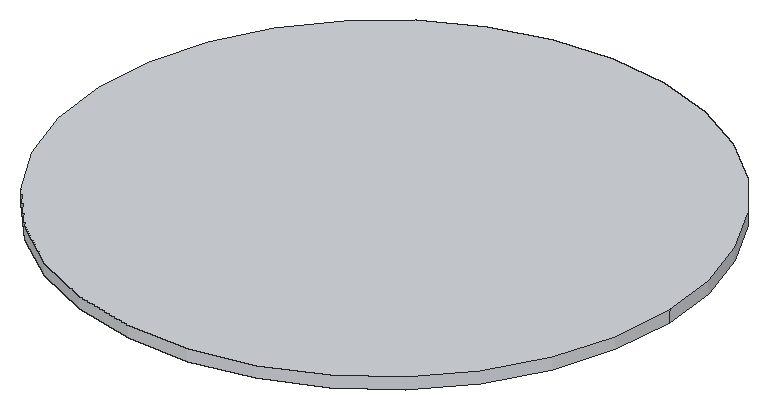
Revit family "FURN_Table_Circle", category Furniture, Revit 2024
Family settings
  OmniClass Number = 23.40.20.00
  OmniClass Title = General Furniture and Specialties
  Work Plane-Based = No
  Enable Cutting in Views = No
  Always vertical = Yes
  Cut with Voids When Loaded = No
  Render Appearance Source = Family Geometry
  Shared = No
  Room Calculation Point = No
Parameters (values of type "Table_1000mm Diameter")
  Radius_Outer = Diameter / 2  # 500 mm
  Height = 685 mm
  EA_Repath [instance] = 0 mm
  Diameter = 1000 mm
  Default Elevation = 0 mm
Reference planes
  plane 1 "Center (Front/Back)": y = 0
  plane 2: z = 0
  plane 3 "Center (Left/Right)": x = 0
  plane 4: x = 500
  plane 5 "Surface": z = 685
Forms (mm)
  Extrusion 1, solid
    sketch origin (-413.353, -1524, 685) x (-1, 0, 0) y (0, -1, 0)
      loop
        circle (-413.353, -1524) r 500
    from 0 to -20
Dimensions and locks
  "Radius_Outer": plane 3 "Center (Left/Right)" to plane 4
  "Height": plane 5 "Surface" to plane 2
  aligned and locked: level to plane 2
  aligned and locked: plane 4 to Extrusion 1 sketch curve
Automatic sketch dimensions
  Extrusion 1 sketch curve to Extrusion 1 sketch curve = 0 mm  (x2)
  plane 1 "Center (Front/Back)" to Extrusion 1 sketch curve = 0 mm
  Extrusion 1 sketch curve to plane 3 "Center (Left/Right)" = 0 mm
